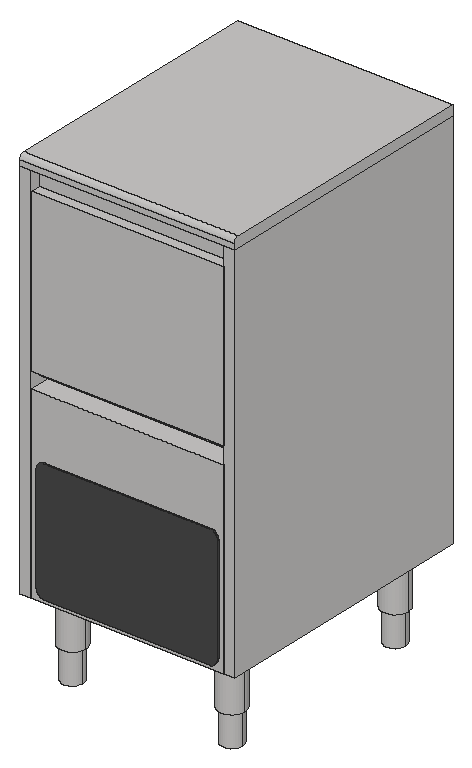
Revit family "QF_ZANUSSI_730301_ICB32I15SNP", category Attrezzature speciali, Revit 2018
Family settings
  Quota connettore circolare = Usa diametro
  Tipo di parte = Normale
  Basato su piano di lavoro = No
  Sempre verticale = Sì
  Taglio con vuoti quando caricato = No
  Condiviso = No
  Punto di calcolo locali = No
Parameters (values of type "Standard")
  Weight = 40.00 kg
  Watts = 1000 W
  Volts = 220 V
  URL Manufacturer = "http://www.zanussiprofessional.com"
  URL = "http://www.zanussiprofessional.com"
  Steam Supply Size = 0 mm
  Steam Supply Minimum Pressure = 0.0 Pa
  Steam Supply Maximum Pressure = 0.0 Pa
  Steam Pounds per Hour = 0
  Show Logo [instance] = yes
  Show Clearance [instance] = yes
  Refrigeration Suction Line Size = 0 mm
  Refrigeration Liquid Line Size = 0 mm
  Refrigerant Compressor Remote = yes
  Produttore = "Zanussi"
  Phase = 1
  Modello = "ICB32I15SNP"
  Length Actual = 405 mm  # constant formula
  Item Number = "730301"
  Hot Water Size = 0 mm
  Height Actual = 849 mm  # constant formula
  HP = "1.3 HP"
  Gas Size = 0 mm
  Gas KW = 0
  Gas Input Pressure = 0 W
  Descrizione = "AIR COOLED ICE CUBER 22GR 32KG/24H-BIN 15KG"
  Depth Actual = 515 mm  # constant formula
  Cycle = 50 Hz
  Condensate Return Size = 0 mm
  Compressed Air Volume = 0.0 L/s
  Compressed Air Size = 0 mm
  Compressed Air Pressure = 0.0 Pa
  Cold Water Size = 19.05 mm
  Accessory = yes
Reference planes
  plane 1 "Center X": y = 272.851
  plane 2: z = 0
  plane 3 "Center Y": x = -501.5
  plane 4 "LEFT": x = -704
  plane 5 "RIGHT": x = -299
  plane 6 "FRONT": y = 15.351
  plane 7 "BACK": y = 530.351
  plane 8: z = 152
  plane 9: z = 896
  plane 10: z = 876
  plane 11: x = -684
  plane 12: x = -319
  plane 13: y = 55.351
Forms (mm)
  Extrusion 1, solid, material "QF_Finishes_Black"
    sketch origin (-217.296, 15.251, 371.513) x (-1, 0, 0) y (0, 0, -1)
      loop
        arc (439.204, -18.487) -> (449.811, -14.093) -> (454.204, -3.487) r 15
        line (454.204, -3.487) -> (454.204, 197.469)
        arc (454.204, 197.469) -> (449.811, 208.075) -> (439.204, 212.469) r 15
        line (439.204, 212.469) -> (126.938, 212.469)
        arc (126.938, 212.469) -> (116.331, 208.075) -> (111.938, 197.469) r 15
        line (111.938, 197.469) -> (111.938, -3.487)
        arc (111.938, -3.487) -> (116.331, -14.093) -> (126.938, -18.487) r 15
        line (126.938, -18.487) -> (439.204, -18.487)
    from 0 to 2
  Extrusion 2, solid, material "QF_Finishes_Stainless Steel"
    sketch origin (-501.5, 0, 0) x (0, 1, 0) y (0, 0, 1)
      loop
        line (530.351, 876) -> (530.351, 896) -> (25.351, 896)
        arc (25.351, 896) -> (18.28, 893.071) -> (15.351, 886) r 10
        line (15.351, 886) -> (15.351, 876) -> (530.351, 876)
    from -202.5 to 202.5
  Extrusion 3, solid, material "QF_Finishes_Stainless Steel"
    sketch origin (-268.7, 530.351, -324.545) x (1, 0, 0) y (0, 0, -1)
      loop
        circle (-76.8, -652.545) r 10
    from 0 to 10
  Extrusion 4, solid, material "QF_Finishes_Stainless Steel"
    sketch origin (0, 0, 0) x (1, 0, 0) y (0, 1, 0)
      loop
        line (-704, 530.351) -> (-704, 15.351) -> (-684, 15.351) -> (-684, 530.351) -> (-704, 530.351)
    from 152 to 876
  Extrusion 5, solid, material "QF_Finishes_Stainless Steel"
    sketch origin (0, 0, 0) x (1, 0, 0) y (0, 1, 0)
      loop
        line (-319, 530.351) -> (-319, 15.351) -> (-299, 15.351) -> (-299, 530.351) -> (-319, 530.351)
    from 152 to 876
  Extrusion 6, solid, material "QF_Finishes_Stainless Steel"
    sketch origin (0, 0, 0) x (1, 0, 0) y (0, 1, 0)
      loop
        line (-684, 530.351) -> (-684, 55.351) -> (-319, 55.351) -> (-319, 530.351) -> (-684, 530.351)
    from 152 to 876
  Extrusion 7, solid, material "QF_Finishes_Stainless Steel"
    sketch origin (0, 0, 0) x (1, 0, 0) y (0, 1, 0)
      loop
        line (-684, 15.351) -> (-319, 15.351) -> (-319, 55.351) -> (-684, 55.351) -> (-684, 15.351)
    from 152 to 506.229
  Extrusion 8, solid, material "QF_Finishes_Stainless Steel"
    sketch origin (-501.5, 0, 0) x (0, 1, 0) y (0, 0, 1)
      loop
        line (55.351, 876) -> (35.351, 876) -> (35.351, 840) -> (15.351, 840) -> (15.351, 536.768) -> (35.351, 536.768) -> (35.351, 521) -> (55.351, 521) -> (55.351, 876)
    from -182.5 to 182.5
  Extrusion 9, solid, material "QF_Finishes_Stainless Steel"
    sketch origin (-263.2, 530.351, -450.545) x (1, 0, 0) y (0, 0, -1)
      loop
        circle (-76.8, -652.545) r 10
    from 0 to 10
  Extrusion 10, solid, material "QF_Finishes_Stainless Steel"
    sketch origin (-288.7, 530.351, -377.545) x (1, 0, 0) y (0, 0, -1)
      loop
        circle (-76.8, -652.545) r 10
    from 0 to 10
Lines and regions (mm)
  Split face 1
    outline origin (-501.5, 35.351, 876) x (0, 0, -1) y (1, 0, 0)
      loop
        line (5.715, 59.928) -> (30.715, 59.928) -> (30.715, 99.928) -> (5.715, 99.928) -> (5.715, 59.928)
  symbolic lines
    curve 1: line (-704, 530.351, 0) -> (-299, 530.351, 0)
    curve 2: line (-704, 15.351, 0) -> (-704, 530.351, 0)
    curve 3: line (-299, 15.351, 0) -> (-704, 15.351, 0)
    curve 4: line (-299, 530.351, 0) -> (-299, 15.351, 0)
Dimensions and locks
  equal spacing: plane 4 "LEFT", plane 3 "Center Y", plane 5 "RIGHT"
  plane 4 "LEFT" to plane 5 "RIGHT" = 405 mm
  equal spacing: plane 7 "BACK", plane 1 "Center X", plane 6 "FRONT"
  plane 7 "BACK" to plane 6 "FRONT" = 515 mm
  plane 8 to plane 2 = 152 mm
  plane 9 to plane 8 = 744 mm
  locked: plane 4 "LEFT" to plane 11 at 20
  locked: plane 12 to plane 5 "RIGHT" at 20
  locked: plane 9 to plane 10 at 20
  locked: plane 13 to plane 6 "FRONT" at 40
  aligned and locked: level to plane 2
  aligned and locked: plane 5 "RIGHT" to Extrusion 2
  aligned and locked: Extrusion 2 to plane 4 "LEFT"
  aligned and locked: Extrusion 4 sketch curve to Extrusion 2  (x2)
  aligned and locked: plane 6 "FRONT" to Extrusion 4 sketch curve
  aligned and locked: Extrusion 4 sketch curve to plane 11
  aligned and locked: Extrusion 5 sketch curve to plane 7 "BACK"
  aligned and locked: plane 12 to Extrusion 5 sketch curve
  aligned and locked: Extrusion 5 sketch curve to Extrusion 2  (x2)
  aligned and locked: plane 10 to Extrusion 4
  aligned and locked: plane 10 to Extrusion 5
  aligned and locked: Extrusion 4 to plane 8
  aligned and locked: Extrusion 5 to plane 8
  aligned and locked: Extrusion 6 sketch curve to Extrusion 4
  aligned and locked: Extrusion 4 to Extrusion 6 sketch curve
  aligned and locked: plane 13 to Extrusion 6 sketch curve
  aligned and locked: Extrusion 6 sketch curve to plane 12
  aligned and locked: plane 10 to Extrusion 6
  aligned and locked: Extrusion 6 to plane 8
  aligned and locked: Extrusion 4 to Extrusion 7 sketch curve
  aligned and locked: Extrusion 7 sketch curve to Extrusion 4
  aligned and locked: plane 13 to Extrusion 7 sketch curve
  aligned and locked: plane 12 to Extrusion 7 sketch curve
  aligned and locked: Extrusion 7 to plane 8
  aligned and locked: plane 12 to Extrusion 8
  aligned and locked: Extrusion 8 to plane 11
Automatic sketch dimensions
  curve 3 to plane 4 "LEFT" = 0 mm
  curve 3 to plane 5 "RIGHT" = 0 mm
  curve 3 to plane 6 "FRONT" = 0 mm
  curve 2 to plane 7 "BACK" = 0 mm
  Extrusion 1 sketch curve to plane 12 = 10.234 mm
  plane 8 to Extrusion 1 sketch curve = 7.044 mm
  Extrusion 1 sketch curve to Extrusion 1 sketch curve = 15 mm  (x3)
  plane 11 to Extrusion 1 sketch curve = 27.5 mm  (x2)
  Extrusion 1 sketch curve to Extrusion 1 sketch curve = 200.956 mm
  Extrusion 2 sketch curve to plane 6 "FRONT" = 0 mm
  Extrusion 2 sketch curve to plane 9 = 0 mm
  Extrusion 2 sketch curve to plane 7 "BACK" = 0 mm
  Extrusion 2 sketch curve to plane 10 = 0 mm
  plane 6 "FRONT" to Extrusion 2 sketch curve = 10 mm
  Extrusion 6 to Extrusion 3 sketch curve = 176 mm
  Extrusion 3 sketch curve to Extrusion 6 = 26.5 mm
  Extrusion 8 sketch curve to plane 6 "FRONT" = 0 mm
  Extrusion 8 sketch curve to plane 10 = 0 mm
  Extrusion 8 sketch curve to plane 13 = 0 mm
  plane 6 "FRONT" to Extrusion 8 sketch curve = 20 mm  (x2)
  Extrusion 8 sketch curve to plane 10 = 36 mm
  Extrusion 8 sketch curve to Extrusion 8 sketch curve = 303.232 mm
  Extrusion 8 sketch curve to Extrusion 8 sketch curve = 15.768 mm
  Split face 1 sketch curve to Extrusion 8 = 5.715 mm
  Extrusion 8 to Split face 1 sketch curve = 5.285 mm
  Split face 1 sketch curve to Extrusion 8 = 122.572 mm
  Split face 1 sketch curve to Split face 1 sketch curve = 40 mm
  Extrusion 9 sketch curve to Extrusion 6 = 21 mm
  Extrusion 6 to Extrusion 9 sketch curve = 50 mm
  Extrusion 10 sketch curve to Extrusion 6 = 46.5 mm
  Extrusion 6 to Extrusion 10 sketch curve = 123 mm
  radius of Extrusion 3 sketch curve = 10 mm
  radius of Extrusion 9 sketch curve = 10 mm
  radius of Extrusion 10 sketch curve = 10 mm
Nested families
  nested 1: "Foot_Complete" at (-652, 74.251, 0), type "Foot_Complete"
    with H 152 mm
  nested 2: "Foot_Complete" at (-351, 74.251, 0) x (-1, 0, 0) z (0, 0, 1), type "Foot_Complete"
    with H 152 mm
  nested 3: "Foot_Complete" at (-652, 459.451, 0), type "Foot_Complete"
    with H 152 mm
  nested 4: "Foot_Complete" at (-351, 459.451, 0) x (-1, 0, 0) z (0, 0, 1), type "Foot_Complete"
    with H 152 mm
Connectors
  electrical at (-340, 540.351, 202), driven by "Volts"
    settings: on Extrusion 9, index 1, voltage 220 V, apparent load 0 VA, apparent load phase1 0 VA, apparent load phase2 0 VA, apparent load phase3 0 VA, power factor 1, load classification "Altro", number of poles 1, system type 30, power factor state 1, is connector primary yes, connector utility no, sub classification motor no, connector description "Electrical Connection"
  piping at (-345.5, 540.351, 328), diameter 20
    settings: on Extrusion 3, index 2, connector inside diameter 609.6 mm, connector length 0 mm, flow factor 0, pipe flow 0.0 L/s, pressure drop 0.0 Pa, fitting loss kfactor 0, connector angle 0.00°, fixture units 0, engagement length 0 mm, angle of deflection 0.00°, flow configuration 0, flow direction 0, fitting loss method 0, system type 20, joint type 0, gender type 0, connector reference index -1, connector utility 0, adjustable connector no, is connector primary yes, connector description "Cold water"
  piping at (-365.5, 540.351, 275), diameter 20
    settings: on Extrusion 10, index 3, connector inside diameter 609.6 mm, connector length 0 mm, flow factor 0, pipe flow 0.0 L/s, pressure drop 0.0 Pa, fitting loss kfactor 0, connector angle 0.00°, fixture units 0, engagement length 0 mm, angle of deflection 0.00°, flow configuration 0, flow direction 0, fitting loss method 0, system type 16, joint type 0, gender type 0, connector reference index -1, connector utility 0, adjustable connector no, is connector primary no, connector description "Drain"
Definition of nested family "Foot_Complete"
  Parameters (values of type "Foot_Complete")
    R = 25 mm
    H = 153 mm
  Reference planes
    plane 1 "Centro (Fronte/Retro)": y = 0
    plane 2: z = 0
    plane 3 "Centro (Sinistra/Destra)": x = 0
    plane 4: z = 153
  Forms (mm)
    Revolve 1, solid
      sketch origin (255.05, 0, 608.09) x (0, 0, 1) y (-1, 0, 0)
        loop
          line (-608.09, 255.05) -> (-608.09, 235.05) -> (-548.09, 235.05) -> (-548.09, 230.05) -> (-455.09, 230.05) -> (-455.09, 255.05) -> (-608.09, 255.05)
        axis (-608.09, 255.05) -> (-455.09, 255.05)
      angle from 0 to 360
  Dimensions and locks
    level to Revolve 1 sketch curve = 60 mm
    "R": Revolve 1 sketch curve to plane 3 "Centro (Sinistra/Destra)"
    "H": plane 4 to level
    aligned and locked: level to plane 2
    aligned and locked: plane 4 to Revolve 1 sketch curve
    aligned and locked: Revolve 1 sketch curve to level
    aligned and locked: plane 3 "Centro (Sinistra/Destra)" to Revolve 1 sketch curve
  Automatic sketch dimensions
    Revolve 1 sketch curve to plane 3 "Centro (Sinistra/Destra)" = 0 mm
    plane 3 "Centro (Sinistra/Destra)" to Revolve 1 sketch curve = 20 mm
    Revolve 1 sketch curve to Revolve 1 sketch curve = 50 mm
    Revolve 1 sketch curve to Revolve 1 sketch curve = 20 mm
